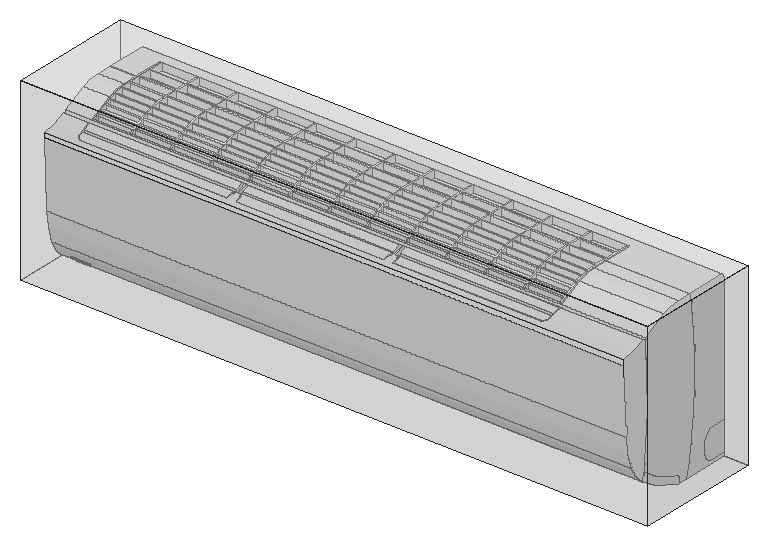
Revit family "outputfile", category 機械設備, Revit 2024 (continued)
Automatic sketch dimensions
  Extrusion 6 sketch curve to level = 39.145 mm
  Extrusion 6 sketch curve to Extrusion 6 sketch curve = 87.729 mm
  Extrusion 9 sketch curve to Extrusion 9 sketch curve = 29.597 mm
  Extrusion 9 sketch curve to Extrusion 9 sketch curve = 6.09 mm
  Extrusion 10 sketch curve to plane 5 "Front" = 51.103 mm
  Extrusion 10 sketch curve to plane 4 "Center (Front/Back)" = 43.89 mm
  Extrusion 11 sketch curve to Extrusion 11 sketch curve = 82.2 mm
  Extrusion 12 sketch curve to Extrusion 12 sketch curve = 82.2 mm
  Extrusion 5 sketch curve to Extrusion 5 sketch curve = 54.897 mm
  Extrusion 5 sketch curve to Extrusion 5 sketch curve = 8.403 mm
  Extrusion 5 sketch curve to Extrusion 5 sketch curve = 4.775 mm
  Extrusion 5 sketch curve to level = 196.822 mm
  Extrusion 6 sketch curve to Extrusion 6 sketch curve = 17.737 mm
  Extrusion 6 sketch curve to Extrusion 6 sketch curve = 8.403 mm
  Extrusion 6 sketch curve to Extrusion 6 sketch curve = 4.775 mm
  Extrusion 6 sketch curve to level = 196.822 mm
  Extrusion 6 sketch curve to level = 184.0 mm
  Extrusion 6 sketch curve to Extrusion 6 sketch curve = 3.223 mm
  Extrusion 7 sketch curve to level = 148.3 mm
  Extrusion 7 sketch curve to Extrusion 7 sketch curve = 2.725 mm
  plane 9 "Bottom" to Extrusion 7 sketch curve = 12.4 mm
  Extrusion 8 sketch curve to level = 148.3 mm
  Extrusion 8 sketch curve to Extrusion 8 sketch curve = 3.692 mm
  Extrusion 9 sketch curve to level = 148.313 mm
  Extrusion 6 sketch curve to plane 4 "Center (Front/Back)" = 76.232 mm
  Extrusion 6 sketch curve to Extrusion 6 sketch curve = 10.372 mm
  Extrusion 6 sketch curve to Extrusion 6 sketch curve = 14.363 mm
  Extrusion 6 sketch curve to Extrusion 6 sketch curve = 58.242 mm
  plane 9 "Bottom" to Extrusion 8 sketch curve = 7.772 mm
  Extrusion 10 sketch curve to Extrusion 10 sketch curve = 22.678 mm
  Extrusion 11 sketch curve to Extrusion 11 sketch curve = 199.466 mm
  Extrusion 12 sketch curve to Extrusion 12 sketch curve = 199.466 mm
  plane 9 "Bottom" to Extrusion 5 sketch curve = 98.776 mm
  plane 9 "Bottom" to Extrusion 5 sketch curve = 156.0 mm
  plane 9 "Bottom" to Extrusion 6 sketch curve = 21.788 mm
  Extrusion 6 sketch curve to Extrusion 6 sketch curve = 5.0 mm
  Extrusion 6 sketch curve to plane 4 "Center (Front/Back)" = 16.564 mm
  Extrusion 7 sketch curve to Extrusion 7 sketch curve = 5.679 mm
  Extrusion 8 sketch curve to plane 4 "Center (Front/Back)" = 16.564 mm
  plane 9 "Bottom" to Extrusion 9 sketch curve = 32.482 mm
  Extrusion 9 sketch curve to Extrusion 9 sketch curve = 12.606 mm
  plane 9 "Bottom" to Extrusion 9 sketch curve = 45.322 mm
  Extrusion 10 sketch curve to level = 173.035 mm
  Extrusion 10 sketch curve to Extrusion 10 sketch curve = 27.999 mm
  plane 1 "Back" to Extrusion 5 sketch curve = 95.491 mm
  Extrusion 5 sketch curve to Extrusion 5 sketch curve = 4.32 mm
  Extrusion 5 sketch curve to Extrusion 5 sketch curve = 0.381 mm
  Extrusion 6 sketch curve to Extrusion 6 sketch curve = 4.508 mm
  plane 1 "Back" to Extrusion 6 sketch curve = 38.573 mm
  Extrusion 6 sketch curve to plane 13 "ld_liquidpipe" = 8.3 mm
  Extrusion 7 sketch curve to plane 13 "ld_liquidpipe" = 8.3 mm
  Extrusion 8 sketch curve to plane 13 "ld_liquidpipe" = 8.3 mm
  Extrusion 9 sketch curve to plane 13 "ld_liquidpipe" = 8.432 mm
  plane 1 "Back" to Extrusion 11 sketch curve = 38.573 mm
  plane 1 "Back" to Extrusion 12 sketch curve = 38.573 mm
  plane 9 "Bottom" to curve 1 = 52.18 mm
  curve 1 to plane 5 "Front" = 38.098 mm
  curve 1 to curve 1 = 7.484 mm
  curve 1 to curve 1 = 6.633 mm
  radius of Extrusion 1 sketch curve = 40.0 mm  (x2)
Nested families
  nested 1: "daikin_clearancespace" at (0, -129.5, -154.881), show <- "Clearance visibility", visible <- "Clearance visibility", Link_Nested Family <- "Link_Nested Family", type "daikin_clearancespace"
    with width 1300.0 mm, show yes, height 370.0 mm, depth 259.0 mm, Link_Nested Family ""
  nested 2: "daikin_logo_plane_w40" at (-550.5, -227.833, -280) x (1, 0, 0) z (0, -0.7484, -0.6633), type "daikin_logo_plane_w40"
    with show_logo yes
  nested 3: "daikin_connector_rotate3" at (46, -35, -315), angle_vertical <- "angle_vertical", angle_horizontal <- "angle_horizontal", length <- "l_drainpipe_length", radius <- "r_Drain Pipe Size", type "daikin_connector_rotate3"
    with show no, radius 8.0 mm, length 554.0 mm, angle_vertical 90.00°, angle_horizontal 90.00°
  nested 4: "daikin_connector_rotate3" at (51, -30, -300), angle_vertical <- "angle_vertical", angle_horizontal <- "angle_horizontal", radius <- "r_Liquid Pipe Size", length <- "l_liquidpipe_length", type "daikin_connector_rotate3"
    with show no, radius 3.2 mm, length 549.0 mm, angle_vertical 90.00°, angle_horizontal 90.00°
  nested 5: "daikin_connector_rotate3" at (111, -15, -315), angle_vertical <- "angle_vertical", angle_horizontal <- "angle_horizontal", length <- "l_gaspipe_length", radius <- "r_Gas Pipe Size", type "daikin_connector_rotate3"
    with show no, radius 7.95 mm, length 489.0 mm, angle_vertical 90.00°, angle_horizontal 90.00°
  nested 6: "daikin_connector_rotate3" at (211, -15, -290), angle_vertical <- "angle_vertical", angle_horizontal <- "angle_horizontal", length <- "l_powersupply_length", type "daikin_connector_rotate3"
    with show no, radius 10.0 mm, length 389.0 mm, angle_vertical 90.00°, angle_horizontal 90.00°
Connectors
  piping at (600, -15, -315), diameter 15.9, driven by "r_Gas Pipe Size"
    settings: on nested 5, index 2, connector inside diameter 609.6 mm, connector length 0.0 mm, flow factor 0, pipe flow 0.00 m³/h, pressure drop 0.0 Pa, fitting loss kfactor 0, connector angle 0.00°, fixture units 0, engagement length 0.0 mm, angle of deflection 0.00°, flow configuration 1, flow direction 2, fitting loss method 0, system type 29, joint type 0, gender type 0, connector reference index -1, connector utility 0, adjustable connector no, is connector primary yes, connector description "Refrigerant Gas Piping"
  piping at (600, -35, -315), diameter 16, driven by "r_Drain Pipe Size"
    settings: on nested 3, index 3, connector inside diameter 609.6 mm, connector length 0.0 mm, flow factor 0, pipe flow 0.00 m³/h, pressure drop 0.0 Pa, fitting loss kfactor 0, connector angle 0.00°, fixture units 0, engagement length 0.0 mm, angle of deflection 0.00°, flow configuration 1, flow direction 2, fitting loss method 4, system type 16, joint type 0, gender type 0, connector reference index -1, connector utility 0, adjustable connector no, is connector primary no, connector description "Condensate Drain Piping"
  piping at (600, -30, -300), diameter 6.4, driven by "r_Liquid Pipe Size"
    settings: on nested 4, index 4, connector inside diameter 609.6 mm, connector length 0.0 mm, flow factor 0, pipe flow 0.00 m³/h, pressure drop 0.0 Pa, fitting loss kfactor 0, connector angle 0.00°, fixture units 0, engagement length 0.0 mm, angle of deflection 0.00°, flow configuration 1, flow direction 1, fitting loss method 0, system type 29, joint type 0, gender type 0, connector reference index -1, connector utility 0, adjustable connector no, is connector primary no, connector description "Refrigerant Liquid Piping"
  electrical at (600, -15, -290), driven by "Load Classification", driven by "connector_powerinput", driven by "connector_phase", driven by "connector_voltage"
    settings: on nested 6, index 5, voltage 230 V, apparent load 0 VA, apparent load phase1 0 VA, apparent load phase2 0 VA, apparent load phase3 0 VA, power factor 1, load classification "HVAC", number of poles 1, system type 30, power factor state 1, is connector primary yes, connector utility no, sub classification motor no, connector description "Power Supply"
Definition of nested family "daikin_clearancespace"
  Parameters (values of type "daikin_clearancespace")
    Description = "daikin_clearancespace"
    width [instance] = 1823.963 mm
    show [instance] = yes
    material = none
    height [instance] = 1359.762 mm
    depth [instance] = 880.0 mm
    Default Elevation = 0.0 mm
    Link_Nested Family [instance] = ""
  Reference planes
    plane 1 "Center (Front/Back)": y = 0
    plane 2 "Center (Elevation)": z = -0.119
    plane 3 "Center (Left/Right)": x = 0
    plane 4: y = 440
    plane 5: y = -440
    plane 6 "Right": x = 911.982
    plane 7 "Left": x = -911.982
    plane 8 "Top": z = 679.762
    plane 9 "Bottom": z = -680
  Forms (mm)
    Extrusion 1, solid, material <- "material", visible <- "show"
      sketch origin (0, 0, 0) x (1, 0, 0) y (0, 1, 0)
        loop
          line (-911.982, 440) -> (-911.982, -440) -> (911.982, -440) -> (911.982, 440) -> (-911.982, 440)
      from -680 to 679.762
  Lines and regions (mm)
    symbolic lines, visible <- "show"
      curve 1: line (911.982, 440, 0) -> (-911.982, 440, 0)
      curve 2: line (-911.982, 440, 0) -> (-911.982, -440, 0)
      curve 3: line (-911.982, -440, 0) -> (911.982, -440, 0)
      curve 4: line (911.982, -440, 0) -> (911.982, 440, 0)
      curve 5: line (911.982, 0, 679.762) -> (-911.982, 0, 679.762)
      curve 6: line (911.982, 0, -680) -> (911.982, 0, 679.762)
      curve 7: line (-911.982, 0, -680) -> (911.982, 0, -680)
      curve 8: line (-911.982, 0, 679.762) -> (-911.982, 0, -680)
      curve 9: line (0, 440, 679.762) -> (0, -440, 679.762)
      curve 10: line (0, -440, 679.762) -> (0, -440, -680)
      curve 11: line (0, 440, -680) -> (0, 440, 679.762)
      curve 12: line (0, -440, -680) -> (0, 440, -680)
  Dimensions and locks
    "width": plane 7 "Left" to plane 6 "Right"
    "depth": plane 4 to plane 5
    "height": plane 8 "Top" to plane 9 "Bottom"
    equal spacing: plane 7 "Left", plane 3 "Center (Left/Right)", plane 6 "Right"
    equal spacing: plane 4, plane 1 "Center (Front/Back)", plane 5
    equal spacing: plane 8 "Top", plane 2 "Center (Elevation)", plane 9 "Bottom"
    aligned and locked: level to plane 2 "Center (Elevation)"
    aligned and locked: Extrusion 1 sketch curve to plane 4
    aligned and locked: plane 7 "Left" to Extrusion 1 sketch curve
    aligned and locked: Extrusion 1 sketch curve to plane 5
    aligned and locked: Extrusion 1 sketch curve to plane 6 "Right"
    aligned and locked: plane 8 "Top" to Extrusion 1
    aligned and locked: curve 1 to Extrusion 1
    aligned and locked: curve 2 to Extrusion 1
    aligned and locked: curve 3 to Extrusion 1
    aligned and locked: curve 4 to Extrusion 1
    aligned and locked: curve 5 to Extrusion 1
    aligned and locked: curve 6 to Extrusion 1
    aligned and locked: curve 7 to Extrusion 1
    aligned and locked: curve 8 to Extrusion 1
    aligned and locked: curve 9 to Extrusion 1
    aligned and locked: curve 10 to Extrusion 1
    aligned and locked: curve 11 to Extrusion 1
    aligned and locked: curve 12 to Extrusion 1
    aligned and locked: Extrusion 1 to plane 9 "Bottom"
Definition of nested family "daikin_logo_plane_w40"
  Parameters (values of type "daikin_logo_plane_w40")
    width = 40.0 mm
    show_logo [instance] = yes
    material = none
    height = 0.0 mm
    depth = 0.0 mm
    Default Elevation = 1219.2 mm
  Reference planes
    plane 1 "Center (Front/Back)": y = 0
    plane 2: z = 0
    plane 3 "Center (Left/Right)": x = 0
    plane 4: z = 2
    plane 5 "left": x = -19
    plane 6: x = 19
  Forms (mm)
    Extrusion 1, solid, visible <- "show_logo"
      sketch origin (-19, 0, 0) x (1, 0, 0) y (0, 1, 0)
        loop
          line (8.902, -1.878) -> (7.789, -6.332) -> (11.13, -6.332)
          arc (11.13, -6.332) -> (12.454, -6.064) -> (13.472, -5.176) r 2.642
          arc (13.472, -5.176) -> (13.92, -4.02) -> (13.767, -2.79) r 2.537
          arc (13.767, -2.79) -> (13.452, -2.342) -> (12.982, -2.06) r 1.321
          arc (12.982, -2.06) -> (12.063, -1.902) -> (11.13, -1.878) r 6.479
          line (11.13, -1.878) -> (8.902, -1.878)
        loop
          line (10.016, -5.441) -> (10.907, -5.441)
          arc (10.907, -5.441) -> (11.591, -4.983) -> (11.988, -4.261) r 1.742
          spline (11.988, -4.261) -> (12.01, -4.155) -> (12.027, -4.03) -> (12.037, -3.893) -> (12.037, -3.747) -> (12.026, -3.598) -> (12.002, -3.451) -> (11.962, -3.31) -> (11.905, -3.181) -> (11.829, -3.069) -> (11.731, -2.978) -> (11.61, -2.913) -> (11.464, -2.88)
          line (11.464, -2.88) -> (10.573, -2.88) -> (10.016, -5.441)
        loop
          line (13.58, -6.332) -> (14.805, -6.332) -> (15.223, -5.553) -> (16.977, -5.553) -> (17.144, -6.332) -> (19.149, -6.332) -> (18.258, -1.878) -> (16.03, -1.878) -> (13.58, -6.332)
        loop
          line (16.476, -3.214) -> (15.76, -4.551) -> (16.762, -4.551) -> (16.476, -3.214)
        loop
          line (19.705, -6.332) -> (21.599, -6.332) -> (22.712, -1.878) -> (20.819, -1.878) -> (19.705, -6.332)
        loop
          line (22.712, -6.332) -> (24.606, -6.332) -> (24.908, -5.122) -> (25.831, -6.332) -> (28.17, -6.332) -> (26.388, -3.994) -> (28.949, -1.878) -> (26.945, -1.878) -> (25.401, -3.153) -> (25.719, -1.878) -> (23.826, -1.878) -> (22.712, -6.332)
        loop
          line (29.84, -1.878) -> (28.615, -6.332) -> (30.62, -6.332) -> (31.734, -1.878) -> (29.84, -1.878)
        loop
          line (31.734, -6.332) -> (33.07, -6.332) -> (33.7, -3.814) -> (34.518, -6.332) -> (36.745, -6.332) -> (37.859, -1.878) -> (36.523, -1.878) -> (35.845, -4.589) -> (34.963, -1.878) -> (32.847, -1.878) -> (31.734, -6.332)
      from 0 to 2
    Extrusion 2, solid, visible <- "show_logo"
      sketch origin (-19, 0, 0) x (1, 0, 0) y (0, 1, 0)
        loop
          line (8.7, 0) -> (4.235, 0) -> (0, -3.879) -> (0, -8) -> (8.7, 0)
      from 0 to 2
    Extrusion 3, solid, visible <- "show_logo"
      sketch origin (-19, 0, 0) x (1, 0, 0) y (0, 1, 0)
        loop
          line (0, 0) -> (0, -3.879) -> (4.235, 0) -> (0, 0)
      from 0 to 2
  Dimensions and locks
    plane 4 to plane 2 = 2.0 mm
    equal spacing: plane 5 "left", plane 3 "Center (Left/Right)", plane 6
    locked: plane 5 "left" to plane 6 at 38
    aligned and locked: level to plane 2
    aligned and locked: Extrusion 3 to plane 1 "Center (Front/Back)"  (x2)
    aligned and locked: Extrusion 2 to plane 1 "Center (Front/Back)"  (x2)
    aligned and locked: plane 4 to Extrusion 1
    aligned and locked: plane 4 to Extrusion 3
    aligned and locked: plane 4 to Extrusion 2
    aligned and locked: Extrusion 3 to plane 5 "left"
    aligned and locked: Extrusion 2 to plane 5 "left"
  Automatic sketch dimensions
    Extrusion 1 sketch curve to Extrusion 1 sketch curve = 0.901 mm
    Extrusion 1 sketch curve to Extrusion 1 sketch curve = 1.559 mm
    Extrusion 1 sketch curve to Extrusion 1 sketch curve = 1.327 mm
    Extrusion 1 sketch curve to Extrusion 1 sketch curve = 2.145 mm
    Extrusion 1 sketch curve to Extrusion 1 sketch curve = 1.448 mm
    Extrusion 1 sketch curve to Extrusion 1 sketch curve = 2.116 mm
    Extrusion 1 sketch curve to Extrusion 1 sketch curve = 1.114 mm  (x4)
    Extrusion 1 sketch curve to Extrusion 1 sketch curve = 1.336 mm  (x2)
    plane 1 "Center (Front/Back)" to Extrusion 1 sketch curve = 1.878 mm  (x5)
    Extrusion 1 sketch curve to Extrusion 1 sketch curve = 1.893 mm  (x5)
    Extrusion 1 sketch curve to Extrusion 1 sketch curve = 0.891 mm  (x4)
    Extrusion 1 sketch curve to Extrusion 1 sketch curve = 2.005 mm  (x3)
    Extrusion 1 sketch curve to Extrusion 1 sketch curve = 0.445 mm  (x2)
    plane 1 "Center (Front/Back)" to Extrusion 1 sketch curve = 3.994 mm
    Extrusion 1 sketch curve to Extrusion 1 sketch curve = 0.557 mm  (x2)
    Extrusion 1 sketch curve to Extrusion 1 sketch curve = 2.339 mm  (x2)
    Extrusion 1 sketch curve to Extrusion 1 sketch curve = 1.225 mm  (x3)
    plane 1 "Center (Front/Back)" to Extrusion 1 sketch curve = 3.153 mm
    Extrusion 1 sketch curve to Extrusion 1 sketch curve = 0.987 mm
    plane 1 "Center (Front/Back)" to Extrusion 1 sketch curve = 5.122 mm
    Extrusion 1 sketch curve to Extrusion 1 sketch curve = 0.922 mm
    plane 1 "Center (Front/Back)" to Extrusion 1 sketch curve = 6.332 mm
    Extrusion 1 sketch curve to Extrusion 1 sketch curve = 2.562 mm
    plane 1 "Center (Front/Back)" to Extrusion 1 sketch curve = 5.553 mm
    Extrusion 1 sketch curve to Extrusion 1 sketch curve = 0.167 mm
    Extrusion 1 sketch curve to Extrusion 1 sketch curve = 0.215 mm
    plane 1 "Center (Front/Back)" to Extrusion 1 sketch curve = 3.214 mm
    Extrusion 1 sketch curve to Extrusion 1 sketch curve = 0.286 mm
    plane 1 "Center (Front/Back)" to Extrusion 1 sketch curve = 4.551 mm
    Extrusion 1 sketch curve to Extrusion 1 sketch curve = 1.002 mm
    Extrusion 1 sketch curve to Extrusion 1 sketch curve = 0.537 mm
    Extrusion 1 sketch curve to Extrusion 1 sketch curve = 0.418 mm
    Extrusion 1 sketch curve to Extrusion 1 sketch curve = 1.028 mm
    plane 1 "Center (Front/Back)" to Extrusion 1 sketch curve = 4.261 mm
    Extrusion 1 sketch curve to Extrusion 1 sketch curve = 0.563 mm
    plane 1 "Center (Front/Back)" to Extrusion 1 sketch curve = 2.88 mm
    Extrusion 1 sketch curve to Extrusion 1 sketch curve = 1.088 mm
    Extrusion 1 sketch curve to Extrusion 1 sketch curve = 2.152 mm
    Extrusion 1 sketch curve to Extrusion 1 sketch curve = 0.586 mm
    Extrusion 1 sketch curve to Extrusion 1 sketch curve = 0.118 mm
    Extrusion 1 sketch curve to Extrusion 1 sketch curve = 0.298 mm
    Extrusion 1 sketch curve to Extrusion 1 sketch curve = 0.334 mm
    Extrusion 1 sketch curve to Extrusion 1 sketch curve = 0.223 mm
    Extrusion 1 sketch curve to Extrusion 1 sketch curve = 0.266 mm
    Extrusion 1 sketch curve to Extrusion 1 sketch curve = 1.671 mm
    Extrusion 1 sketch curve to Extrusion 1 sketch curve = 2.227 mm
    Extrusion 1 sketch curve to Extrusion 1 sketch curve = 0.0 mm  (x7)
    Extrusion 1 sketch curve to Extrusion 1 sketch curve = 3.453 mm
    Extrusion 1 sketch curve to Extrusion 1 sketch curve = 2.017 mm
    Extrusion 1 sketch curve to Extrusion 1 sketch curve = 0.78 mm  (x2)
    Extrusion 1 sketch curve to Extrusion 1 sketch curve = 1.743 mm
    Extrusion 1 sketch curve to Extrusion 1 sketch curve = 0.775 mm
    Extrusion 1 sketch curve to Extrusion 1 sketch curve = 0.552 mm
    Extrusion 1 sketch curve to Extrusion 1 sketch curve = 0.014 mm
    Extrusion 1 sketch curve to Extrusion 1 sketch curve = 0.952 mm
    Extrusion 1 sketch curve to Extrusion 1 sketch curve = 1.215 mm
    Extrusion 1 sketch curve to Extrusion 1 sketch curve = 0.108 mm
    plane 1 "Center (Front/Back)" to Extrusion 2 sketch curve = 0.0 mm
    Extrusion 2 sketch curve to plane 3 "Center (Left/Right)" = 19.0 mm
    Extrusion 2 sketch curve to plane 3 "Center (Left/Right)" = 14.765 mm
    Extrusion 2 sketch curve to Extrusion 2 sketch curve = 4.465 mm
    plane 1 "Center (Front/Back)" to Extrusion 2 sketch curve = 3.879 mm
    Extrusion 2 sketch curve to Extrusion 2 sketch curve = 4.12 mm
    plane 1 "Center (Front/Back)" to Extrusion 3 sketch curve = 0.0 mm
    Extrusion 3 sketch curve to plane 3 "Center (Left/Right)" = 19.0 mm
    Extrusion 3 sketch curve to plane 3 "Center (Left/Right)" = 14.765 mm
    plane 1 "Center (Front/Back)" to Extrusion 3 sketch curve = 3.879 mm
    Extrusion 1 sketch curve to plane 3 "Center (Left/Right)" = 11.211 mm
    Extrusion 1 sketch curve to Extrusion 1 sketch curve = 1.782 mm
Definition of nested family "daikin_connector_rotate3"
  Parameters (values of type "daikin_connector_rotate3")
    show [instance] = yes
    radius [instance] = 10.0 mm
    length [instance] = 600.0 mm
    angle_horizontal [instance] = 60.00°
    angle_vertical [instance] = 90.00°
    Default Elevation = 1219.2 mm
  Reference planes
    plane 1 "Center (Front/Back)": y = 0
    plane 2: z = 0
    plane 3 "Center (Left/Right)": x = 0
  Dimensions and locks
    "angle_horizontal": angle plane 3 "Center (Left/Right)" to nested 1
    aligned and locked: level to plane 2
    aligned and locked: plane 1 "Center (Front/Back)" to nested 1  (x2)
    aligned and locked: plane 3 "Center (Left/Right)" to nested 1
  Nested families
    nested 1: "daikin_connector_rotate2" at (0, 0, 0) x (0.5, 0.866, 0) z (0, 0, 1), angle_vertical <- "angle_vertical", length <- "length", radius <- "radius", type "daikin_connector_rotate2"
      with radius 10.0 mm, length 600.0 mm, angle_vertical 90.00°
  Definition of nested family "daikin_connector_rotate2"
    Parameters (values of type "daikin_connector_rotate2")
      show_face = yes
      radius [instance] = 10.0 mm
      length [instance] = 600.0 mm
      d_surface = 10.0 mm
      angle_vertical [instance] = 90.00°
      Default Elevation = 0.0 mm
    Reference planes
      plane 1 "Center (Front/Back)": y = 0
      plane 2: z = 0
      plane 3 "Center (Left/Right)": x = 0
    Forms (mm)
      Extrusion 1, solid, visible <- "show_face"
        sketch origin (0, -600, 0) x (1, 0, 0) y (0, 0, 1)
          loop
            circle (0, 0) r 10
        from 0 to -10
    Lines and regions (mm)
      reference lines
        curve 1: line (0, 0, 0) -> (0, -600, 0)
      symbolic lines
        curve 2: circle (0, 0, 0) r 5 normal (0, 0, 1)
      model lines, visible <- "show_face"
        curve 3: line (0, 0, 0) -> (0, -600, 0)
    Dimensions and locks
      "length": curve 1 to curve 1
      "length": curve 3 to curve 3
      "d_surface": Extrusion 1 to Extrusion 1
      "radius": radius of Extrusion 1 sketch curve
      "angle_vertical": angle curve 1 to plane 1 "Center (Front/Back)"
      "angle_vertical": angle curve 3 to plane 1 "Center (Front/Back)"
      aligned and locked: level to plane 2
      aligned and locked: plane 1 "Center (Front/Back)" to curve 1
      aligned and locked: plane 2 to curve 1
      aligned and locked: plane 1 "Center (Front/Back)" to curve 2
      aligned and locked: plane 3 "Center (Left/Right)" to curve 2
      aligned and locked: plane 1 "Center (Front/Back)" to curve 3
      aligned and locked: plane 2 to curve 3
      aligned and locked: Extrusion 1 to Extrusion 1
    Automatic sketch dimensions
      Extrusion 1 sketch curve to level = 0.0 mm
      Extrusion 1 sketch curve to plane 3 "Center (Left/Right)" = 0.0 mm
      radius of curve 2 = 5.0 mm
